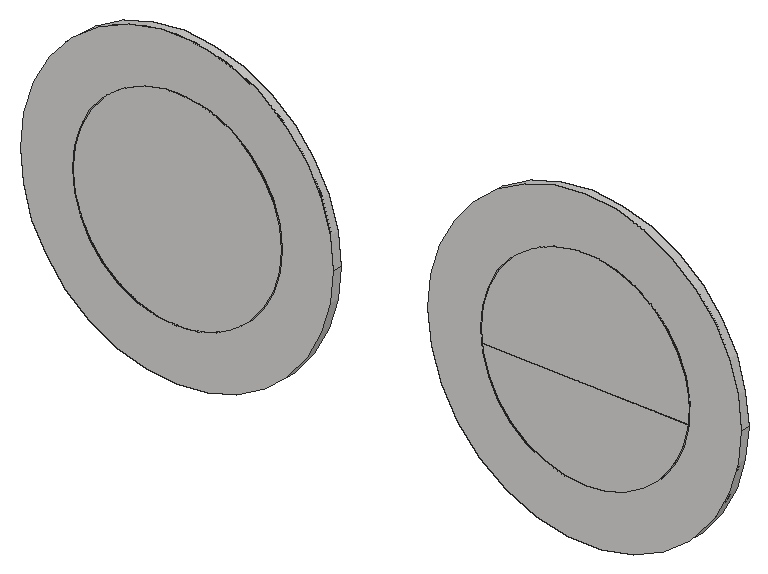
Revit family "RS83E", category Generic Models, Revit 2012
Parameters (values of type "Standard")
  e-mail = "info@vola.com"
  URL = "http://vola.com"
  Telephone = "+45 7023 5500"
  Quality management standard = "ISO 9001"
  Organisation no. / DUNS no. = "17531328"
  Occupational health and safety management standard = "ISO 18001"
  Mounting Instructions = "http://vola.com/service/producturl.ashx?name=RS83E"
  Model = "RS83E"
  Materials and components information = "http://vola.com/service/producturl.ashx?name=RS83E"
  Manufacturer = "VOLA A/S"
  Maintenance Instructions = "http://vola.com/service/producturl.ashx?name=RS83E"
  Guarantee = "2 years"
  Environmental management standard = "ISO 14000"
  Connection - All relevant connections = ""
  Approvals = "http://vola.com/service/producturl.ashx?name=RS83E"
Reference planes
  plane 1 "Center (Front/Back)": y = 0
  plane 2: z = 0
  plane 3 "Center (Left/Right)": x = 0
Forms (mm)
  Extrusion 1, solid, material "Stainless Steel"
    sketch origin (39, 0, 0) x (1, 0, 0) y (0, 0, 1)
      loop
        circle (0, 0) r 30
      loop
        circle (0, 0) r 20
    from 0 to 1.5
  Extrusion 2, solid, material "Stainless Steel"
    sketch origin (39, 0, 0) x (1, 0, 0) y (0, 0, 1)
      loop
        arc (19.843, -2.5) -> (0, 20) -> (-19.843, -2.5) r 20
        line (-19.843, -2.5) -> (19.843, -2.5)
    from 0 to 1.5
  Extrusion 3, solid, material "Stainless Steel"
    sketch origin (-39, 0, 0) x (-1, 0, 0) y (0, 0, -1)
      loop
        circle (0, 0) r 30
      loop
        circle (0, 0) r 20
    from 0 to 1.5
  Extrusion 4, solid, material "Stainless Steel"
    sketch origin (-39, 0, 0) x (-1, 0, 0) y (0, 0, -1)
      loop
        circle (0, 0) r 20
    from 0 to 1.5
  Extrusion 5, solid, material "Stainless Steel"
    sketch origin (39, 0, 0) x (1, 0, 0) y (0, 0, 1)
      loop
        line (19.843, -2.5) -> (-19.843, -2.5)
        arc (-19.843, -2.5) -> (0, -20) -> (19.843, -2.5) r 20
    from 0 to 1.5
Lines and regions (mm)
  model lines
    curve 1: circle (39, -1.5, 0) r 1.5 normal (0, -1, 0)
    curve 2: circle (39, -1.5, 5) r 1.5 normal (0, -1, 0)
    curve 3: circle (39, -1.5, -5) r 1.5 normal (0, -1, 0)
    curve 4: circle (-39, -1.5, 0) r 1.5 normal (0, 1, 0)
    curve 5: circle (-39, -1.5, 5) r 1.5 normal (0, 1, 0)
    curve 6: circle (-39, -1.5, -5) r 1.5 normal (0, 1, 0)
Dimensions and locks
  aligned and locked: plane 2 to level
